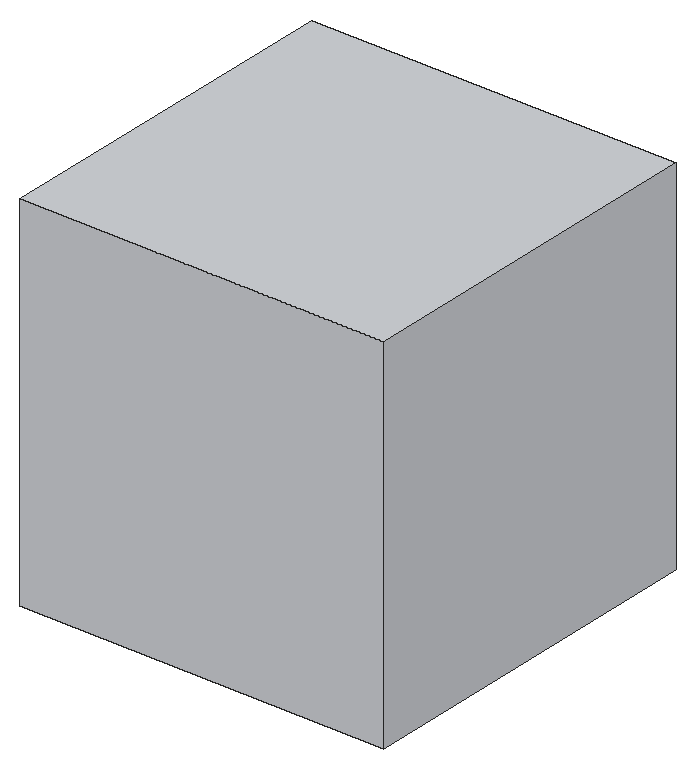
Revit family "SBR -  venerdì 16.11", category Generic Models, Revit 2019
Family settings
  Can host rebar = No
  Round Connector Dimension = Use Diameter
  Part Type = Normal
  Work Plane-Based = No
  Always vertical = Yes
  Cut with Voids When Loaded = No
  Shared = No
  Room Calculation Point = No
Parameters
  C_profondità = 300 mm
  C_larghezza = 300 mm
  C_altezza = 300 mm
Reference planes
  plane 1 "Center (Front/Back)": y = 0
  plane 2: z = 0
  plane 3 "Center (Left/Right)": x = 0
  plane 4: y = 300
  plane 5: x = 300
  plane 6: z = 300
Forms (mm)
  Extrusion 1, solid
    sketch origin (0, 0, 0) x (1, 0, 0) y (0, 1, 0)
      loop
        line (0, 300) -> (0, 0) -> (300, 0) -> (300, 300) -> (0, 300)
    from 0 to 300
Dimensions and locks
  "C_larghezza": plane 3 "Center (Left/Right)" to plane 5
  "C_profondità": plane 4 to plane 1 "Center (Front/Back)"
  "C_altezza": plane 6 to level
  plane 3 "Center (Left/Right)" to Extrusion 1 = 300 mm
  aligned and locked: level to plane 2
  aligned and locked: Extrusion 1 sketch curve to plane 4
  aligned and locked: plane 3 "Center (Left/Right)" to Extrusion 1 sketch curve
  aligned and locked: Extrusion 1 sketch curve to plane 1 "Center (Front/Back)"
  aligned and locked: plane 5 to Extrusion 1 sketch curve
